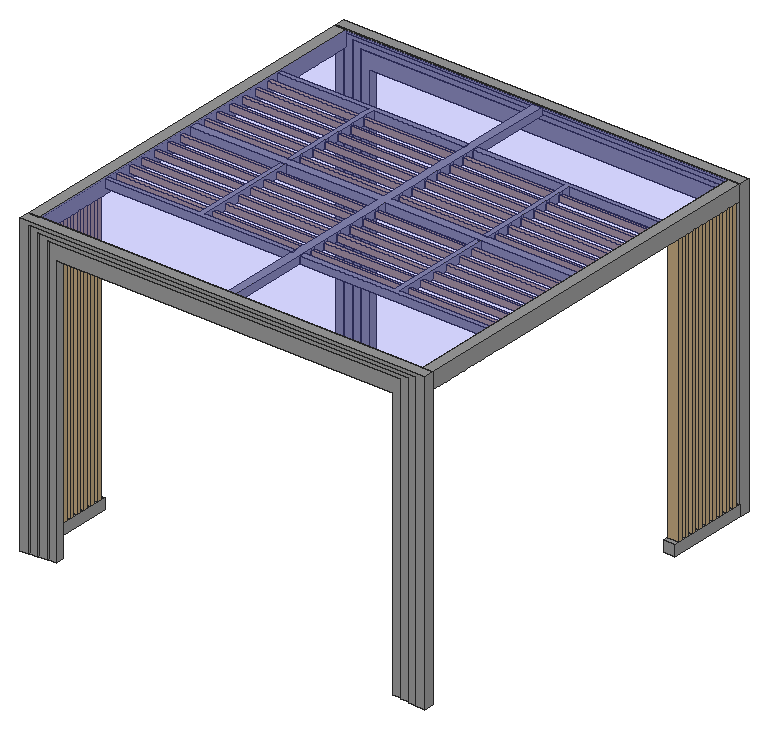
Revit family "L-FUR_파고라_DWP-2028_데오스웍스", category 일반 모델, Revit 2019
Family settings
  보강 철근 호스트 가능 = 아니오
  원형 커넥터 치수 = 지름 사용
  부품 유형 = 보통
  작업 기준면 기반 = 아니오
  항상 수직 = 예
  로드될 때 보이드를 사용하여 절단 = 아니오
  공유 = 아니오
  룸 계산 점 = 아니오
Reference planes
  plane 1 "중심(앞/뒤)": y = 0
  plane 2: z = 0
  plane 3 "중심(왼쪽/오른쪽)": x = 0
Dimensions and locks
  aligned and locked: level to plane 2
Nested families
  nested 1: "L-FUR_파고라_DWP-2028_데" at (0, 0, 0), type "L-FUR_파고라_DWP-2028_데"
Definition of nested family "L-FUR_파고라_DWP-2028_데"
  Reference planes
    plane 1 "중심(앞/뒤)": y = 0
    plane 2: z = 0
    plane 3 "중심(왼쪽/오른쪽)": x = 0
  Forms (mm)
    Extrusion 1, solid, not visible
      sketch origin (0, 0, 0) x (1, 0, 0) y (0, 0, 1)
        loop
          line (14027.87, 120.291) -> (14027.87, 2890.291) -> (17667.87, 2890.291) -> (17667.87, 120.291) -> (17747.87, 120.291) -> (17747.87, 2920.291) -> (13947.87, 2920.291) -> (13947.87, 120.291) -> (14027.87, 120.291)
      from 0 to 100
    Extrusion 2, solid, not visible
      sketch origin (0, 0, 0) x (1, 0, 0) y (0, 0, 1)
        loop
          line (14027.87, 2890.291) -> (14027.87, 120.291) -> (14107.87, 120.291) -> (14107.87, 2850.291) -> (17587.87, 2850.291) -> (17587.87, 120.291) -> (17667.87, 120.291) -> (17667.87, 2890.291) -> (14027.87, 2890.291)
      from 0 to 90
    Extrusion 3, solid, not visible
      sketch origin (0, 0, 0) x (1, 0, 0) y (0, 0, 1)
        loop
          line (14107.87, 2850.291) -> (14107.87, 120.291) -> (14187.87, 120.291) -> (14187.87, 2810.291) -> (17507.87, 2810.291) -> (17507.87, 120.291) -> (17587.87, 120.291) -> (17587.87, 2850.291) -> (14107.87, 2850.291)
      from 0 to 80
    Extrusion 4, solid, not visible
      sketch origin (0, 0, 0) x (1, 0, 0) y (0, 0, 1)
        loop
          line (14187.87, 2810.291) -> (14187.87, 120.291) -> (14267.87, 120.291) -> (14267.87, 2660.291) -> (17427.87, 2660.291) -> (17427.87, 120.291) -> (17507.87, 120.291) -> (17507.87, 2810.291) -> (14187.87, 2810.291)
      from 0 to 70
    Extrusion 5, solid, not visible
      sketch origin (0, 0, 0) x (0, 1, 0) y (0, 0, 1)
        loop
          line (15645.88, 2933.239) -> (11845.88, 2933.239) -> (11845.88, 133.239) -> (11945.88, 133.239) -> (11945.88, 233.239) -> (11945.88, 2783.239) -> (11992.13, 2783.239) -> (12022.131, 2783.239) -> (12072.125, 2783.239) -> (12102.131, 2783.239) -> (12152.125, 2783.239) -> (12182.13, 2783.239) -> (12232.132, 2783.239) -> (12262.13, 2783.239) -> (12312.133, 2783.239) -> (12342.13, 2783.239) -> (12392.133, 2783.239) -> (12422.13, 2783.239) -> (12472.134, 2783.239) -> (12502.135, 2783.239) -> (12552.133, 2783.239) -> (12582.135, 2783.239) -> (12632.133, 2783.239) -> (12662.134, 2783.239) -> (12708.383, 2783.239) -> (12753.382, 2783.239) -> (14738.381, 2783.239) -> (14783.386, 2783.239) -> (14829.625, 2783.239) -> (14859.63, 2783.239) -> (14909.632, 2783.239) -> (14939.63, 2783.239) -> (14989.633, 2783.239) -> (15019.63, 2783.239) -> (15069.634, 2783.239) -> (15099.63, 2783.239) -> (15149.634, 2783.239) -> (15179.635, 2783.239) -> (15229.633, 2783.239) -> (15259.635, 2783.239) -> (15309.633, 2783.239) -> (15339.634, 2783.239) -> (15389.632, 2783.239) -> (15419.634, 2783.239) -> (15469.632, 2783.239) -> (15499.634, 2783.239) -> (15545.88, 2783.239) -> (15545.88, 233.239) -> (15545.88, 133.239) -> (15645.88, 133.239) -> (15645.88, 2933.239)
      from 0 to 100
    Extrusion 6, solid, not visible
      sketch origin (0, 0, 0) x (0, 1, 0) y (0, 0, 1)
        loop
          line (12708.38, 233.239) -> (12662.132, 233.239) -> (12632.131, 233.239) -> (12582.132, 233.239) -> (12552.13, 233.239) -> (12502.132, 233.239) -> (12472.13, 233.239) -> (12422.133, 233.239) -> (12392.13, 233.239) -> (12342.13, 233.239) -> (12312.13, 233.239) -> (12262.13, 233.239) -> (12232.129, 233.239) -> (12182.13, 233.239) -> (12152.129, 233.239) -> (12102.134, 233.239) -> (12072.132, 233.239) -> (12022.13, 233.239) -> (11992.132, 233.239) -> (11945.88, 233.239) -> (11945.88, 133.239) -> (12708.38, 133.239) -> (12708.38, 233.239)
        loop
          line (15545.88, 233.239) -> (15499.632, 233.239) -> (15469.629, 233.239) -> (15419.632, 233.239) -> (15389.627, 233.239) -> (15339.63, 233.239) -> (15309.627, 233.239) -> (15259.632, 233.239) -> (15229.631, 233.239) -> (15179.632, 233.239) -> (15149.631, 233.239) -> (15099.633, 233.239) -> (15069.63, 233.239) -> (15019.633, 233.239) -> (14989.63, 233.239) -> (14939.633, 233.239) -> (14909.631, 233.239) -> (14859.634, 233.239) -> (14829.631, 233.239) -> (14783.38, 233.239) -> (14783.38, 133.239) -> (15545.88, 133.239) -> (15545.88, 233.239)
      from 0 to 100
    Extrusion 7, solid, not visible
      sketch origin (0, 0, 0) x (0, 1, 0) y (0, 0, 1)
        loop
          line (14829.63, 2783.239) -> (14829.63, 233.239) -> (14859.63, 233.239) -> (14859.63, 2783.239) -> (14829.63, 2783.239)
        loop
          line (14939.63, 233.239) -> (14939.63, 2783.239) -> (14909.63, 2783.239) -> (14909.63, 233.239) -> (14939.63, 233.239)
        loop
          line (14989.63, 2783.239) -> (14989.63, 233.239) -> (15019.63, 233.239) -> (15019.63, 2783.239) -> (14989.63, 2783.239)
        loop
          line (15069.63, 2783.239) -> (15069.63, 233.239) -> (15099.63, 233.239) -> (15099.63, 2783.239) -> (15069.63, 2783.239)
        loop
          line (15149.63, 2783.239) -> (15149.63, 233.239) -> (15179.63, 233.239) -> (15179.63, 2783.239) -> (15149.63, 2783.239)
        loop
          line (15259.63, 233.239) -> (15259.63, 2783.239) -> (15229.63, 2783.239) -> (15229.63, 233.239) -> (15259.63, 233.239)
        loop
          line (15339.63, 233.239) -> (15339.63, 2783.239) -> (15309.63, 2783.239) -> (15309.63, 233.239) -> (15339.63, 233.239)
        loop
          line (15389.63, 2783.239) -> (15389.63, 233.239) -> (15419.63, 233.239) -> (15419.63, 2783.239) -> (15389.63, 2783.239)
        loop
          line (15499.63, 233.239) -> (15499.63, 2783.239) -> (15469.63, 2783.239) -> (15469.63, 233.239) -> (15499.63, 233.239)
      from 0 to 100
    Extrusion 8, solid, not visible
      sketch origin (0, 0, 75) x (1, 0, 0) y (0, 1, 0)
        loop
          line (1394.324, 7719.811) -> (1394.324, 4119.811) -> (4994.324, 4119.811) -> (4994.324, 7719.811) -> (1394.324, 7719.811)
      from 0 to 10
    Extrusion 9, solid, not visible
      sketch origin (0, 0, 0) x (1, 0, 0) y (0, 1, 0)
        loop
          line (2253.074, 5764.811) -> (2253.074, 5794.811) -> (1394.324, 5794.811) -> (1394.324, 5764.811) -> (2253.074, 5764.811)
        loop
          line (1394.324, 5644.811) -> (1394.324, 5614.816) -> (2253.076, 5614.816) -> (2253.076, 5644.811) -> (1394.324, 5644.811)
        loop
          line (2253.076, 5494.811) -> (1394.324, 5494.811) -> (1394.324, 5464.811) -> (2253.076, 5464.811) -> (2253.076, 5494.811)
        loop
          line (2253.076, 5344.811) -> (1394.324, 5344.811) -> (1394.324, 5314.811) -> (2253.076, 5314.811) -> (2253.076, 5344.811)
        loop
          line (2253.076, 5194.811) -> (1394.324, 5194.811) -> (1394.324, 5164.811) -> (2253.076, 5164.811) -> (2253.076, 5194.811)
        loop
          line (2253.076, 5044.811) -> (1394.324, 5044.811) -> (1394.324, 5014.811) -> (2253.076, 5014.811) -> (2253.076, 5044.811)
        loop
          line (2298.074, 5044.811) -> (2298.074, 5014.814) -> (3156.824, 5014.814) -> (3156.824, 5044.811) -> (2298.074, 5044.811)
        loop
          line (3156.824, 5164.813) -> (3156.824, 5194.811) -> (2298.074, 5194.811) -> (2298.074, 5164.813) -> (3156.824, 5164.813)
        loop
          line (3156.824, 5314.812) -> (3156.824, 5344.811) -> (2298.074, 5344.811) -> (2298.074, 5314.812) -> (3156.824, 5314.812)
        loop
          line (3156.824, 5464.813) -> (3156.824, 5494.811) -> (2298.074, 5494.811) -> (2298.074, 5464.813) -> (3156.824, 5464.813)
        loop
          line (3156.824, 5614.808) -> (3156.824, 5644.811) -> (2298.074, 5644.811) -> (2298.074, 5614.808) -> (3156.824, 5614.808)
        loop
          line (3156.824, 5764.808) -> (3156.824, 5794.811) -> (2298.074, 5794.811) -> (2298.074, 5764.808) -> (3156.824, 5764.808)
        loop
          line (3231.824, 5014.809) -> (4090.574, 5014.809) -> (4090.574, 5044.811) -> (3231.824, 5044.811) -> (3231.824, 5014.809)
        loop
          line (4135.574, 5014.809) -> (4994.324, 5014.809) -> (4994.324, 5044.811) -> (4135.574, 5044.811) -> (4135.574, 5014.809)
        loop
          line (4994.324, 5164.811) -> (4994.324, 5194.811) -> (4135.574, 5194.811) -> (4135.574, 5164.811) -> (4994.324, 5164.811)
        loop
          line (4090.574, 5164.811) -> (4090.574, 5194.813) -> (3231.824, 5194.813) -> (3231.824, 5164.811) -> (4090.574, 5164.811)
        loop
          line (3231.824, 5344.811) -> (3231.824, 5314.812) -> (4090.574, 5314.812) -> (4090.574, 5344.811) -> (3231.824, 5344.811)
        loop
          line (3231.824, 5494.811) -> (3231.824, 5464.813) -> (4090.574, 5464.813) -> (4090.574, 5494.811) -> (3231.824, 5494.811)
        loop
          line (3231.824, 5644.811) -> (3231.824, 5614.811) -> (4090.574, 5614.811) -> (4090.574, 5644.811) -> (3231.824, 5644.811)
        loop
          line (3231.824, 5794.811) -> (3231.824, 5764.811) -> (4090.574, 5764.811) -> (4090.574, 5794.811) -> (3231.824, 5794.811)
        loop
          line (4994.324, 5794.811) -> (4135.574, 5794.811) -> (4135.574, 5764.811) -> (4994.324, 5764.811) -> (4994.324, 5794.811)
        loop
          line (4135.574, 5614.811) -> (4994.324, 5614.811) -> (4994.324, 5644.811) -> (4135.574, 5644.811) -> (4135.574, 5614.811)
        loop
          line (4135.574, 5464.811) -> (4994.324, 5464.811) -> (4994.324, 5494.811) -> (4135.574, 5494.811) -> (4135.574, 5464.811)
        loop
          line (4135.574, 5314.811) -> (4994.324, 5314.811) -> (4994.324, 5344.811) -> (4135.574, 5344.811) -> (4135.574, 5314.811)
        loop
          line (4994.324, 6044.811) -> (4994.324, 6074.811) -> (4135.574, 6074.811) -> (4135.574, 6044.811) -> (4994.324, 6044.811)
        loop
          line (4994.324, 6194.811) -> (4994.324, 6224.811) -> (4135.574, 6224.811) -> (4135.574, 6194.811) -> (4994.324, 6194.811)
        loop
          line (3231.824, 6044.811) -> (4090.574, 6044.811) -> (4090.574, 6074.811) -> (3231.824, 6074.811) -> (3231.824, 6044.811)
        loop
          line (3231.824, 6194.811) -> (4090.574, 6194.811) -> (4090.574, 6224.811) -> (3231.824, 6224.811) -> (3231.824, 6194.811)
        loop
          line (4135.574, 6374.811) -> (4135.574, 6344.811) -> (4994.324, 6344.811) -> (4994.324, 6374.811) -> (4135.574, 6374.811)
        loop
          line (4090.574, 6374.811) -> (3231.824, 6374.811) -> (3231.824, 6344.811) -> (4090.574, 6344.811) -> (4090.574, 6374.811)
        loop
          line (4135.574, 6524.811) -> (4135.574, 6494.811) -> (4994.324, 6494.811) -> (4994.324, 6524.811) -> (4135.574, 6524.811)
        loop
          line (3231.824, 6524.811) -> (3231.824, 6494.811) -> (4090.574, 6494.811) -> (4090.574, 6524.811) -> (3231.824, 6524.811)
        loop
          line (4090.574, 6644.811) -> (4090.574, 6674.811) -> (3231.824, 6674.811) -> (3231.824, 6644.811) -> (4090.574, 6644.811)
        loop
          line (4135.574, 6674.811) -> (4135.574, 6644.811) -> (4994.324, 6644.811) -> (4994.324, 6674.811) -> (4135.574, 6674.811)
        loop
          line (4994.324, 6794.811) -> (4994.324, 6824.811) -> (4135.574, 6824.811) -> (4135.574, 6794.811) -> (4994.324, 6794.811)
        loop
          line (4090.574, 6824.811) -> (3231.824, 6824.811) -> (3231.824, 6794.811) -> (4090.574, 6794.811) -> (4090.574, 6824.811)
        loop
          line (2298.074, 6824.811) -> (2298.074, 6794.811) -> (3156.824, 6794.811) -> (3156.824, 6824.811) -> (2298.074, 6824.811)
        loop
          line (2298.074, 6674.811) -> (2298.074, 6644.811) -> (3156.824, 6644.811) -> (3156.824, 6674.811) -> (2298.074, 6674.811)
        loop
          line (2298.074, 6524.811) -> (2298.074, 6494.811) -> (3156.824, 6494.811) -> (3156.824, 6524.811) -> (2298.074, 6524.811)
        loop
          line (2253.074, 6524.811) -> (1394.324, 6524.811) -> (1394.324, 6494.811) -> (2253.074, 6494.811) -> (2253.074, 6524.811)
        loop
          line (1394.324, 6644.811) -> (2253.074, 6644.811) -> (2253.074, 6674.811) -> (1394.324, 6674.811) -> (1394.324, 6644.811)
        loop
          line (2253.074, 6824.811) -> (1394.324, 6824.811) -> (1394.324, 6794.811) -> (2253.074, 6794.811) -> (2253.074, 6824.811)
        loop
          line (2253.074, 6374.811) -> (1394.324, 6374.811) -> (1394.324, 6344.811) -> (2253.074, 6344.811) -> (2253.074, 6374.811)
        loop
          line (2298.074, 6374.811) -> (2298.074, 6344.811) -> (3156.824, 6344.811) -> (3156.824, 6374.811) -> (2298.074, 6374.811)
        loop
          line (2298.074, 6224.811) -> (2298.074, 6194.811) -> (3156.824, 6194.811) -> (3156.824, 6224.811) -> (2298.074, 6224.811)
        loop
          line (2253.074, 6224.811) -> (1394.324, 6224.811) -> (1394.324, 6194.811) -> (2253.074, 6194.811) -> (2253.074, 6224.811)
        loop
          line (2253.074, 6074.811) -> (1394.324, 6074.811) -> (1394.324, 6044.811) -> (2253.074, 6044.811) -> (2253.074, 6074.811)
        loop
          line (2298.074, 6074.811) -> (2298.074, 6044.811) -> (3156.824, 6044.811) -> (3156.824, 6074.811) -> (2298.074, 6074.811)
      from 0 to 60
    Extrusion 10, solid, not visible
      sketch origin (4994.324, -7826.07, -133.239) x (0, 1, 0) y (0, 0, 1)
        loop
          line (14829.63, 2783.239) -> (14829.63, 233.239) -> (14859.63, 233.239) -> (14859.63, 2783.239) -> (14829.63, 2783.239)
        loop
          line (14939.63, 233.239) -> (14939.63, 2783.239) -> (14909.63, 2783.239) -> (14909.63, 233.239) -> (14939.63, 233.239)
        loop
          line (14989.63, 2783.239) -> (14989.63, 233.239) -> (15019.63, 233.239) -> (15019.63, 2783.239) -> (14989.63, 2783.239)
        loop
          line (15069.63, 2783.239) -> (15069.63, 233.239) -> (15099.63, 233.239) -> (15099.63, 2783.239) -> (15069.63, 2783.239)
        loop
          line (15149.63, 2783.239) -> (15149.63, 233.239) -> (15179.63, 233.239) -> (15179.63, 2783.239) -> (15149.63, 2783.239)
        loop
          line (15259.63, 233.239) -> (15259.63, 2783.239) -> (15229.63, 2783.239) -> (15229.63, 233.239) -> (15259.63, 233.239)
        loop
          line (15339.63, 233.239) -> (15339.63, 2783.239) -> (15309.63, 2783.239) -> (15309.63, 233.239) -> (15339.63, 233.239)
        loop
          line (15389.63, 2783.239) -> (15389.63, 233.239) -> (15419.63, 233.239) -> (15419.63, 2783.239) -> (15389.63, 2783.239)
        loop
          line (15499.63, 233.239) -> (15499.63, 2783.239) -> (15469.63, 2783.239) -> (15469.63, 233.239) -> (15499.63, 233.239)
      from 0 to 100
    Extrusion 11, solid, not visible
      sketch origin (4994.324, 0, 0) x (0, 1, 0) y (0, 0, 1)
        loop
          line (4119.811, 2650) -> (4166.061, 2650) -> (4196.061, 2650) -> (4246.056, 2650) -> (4276.061, 2650) -> (4326.055, 2650) -> (4356.061, 2650) -> (4406.062, 2650) -> (4436.061, 2650) -> (4486.063, 2650) -> (4516.061, 2650) -> (4566.063, 2650) -> (4596.061, 2650) -> (4646.064, 2650) -> (4676.065, 2650) -> (4726.064, 2650) -> (4756.065, 2650) -> (4806.063, 2650) -> (4836.065, 2650) -> (4882.314, 2650) -> (4927.312, 2650) -> (6912.311, 2650) -> (6957.316, 2650) -> (7003.555, 2650) -> (7033.561, 2650) -> (7083.563, 2650) -> (7113.561, 2650) -> (7163.563, 2650) -> (7193.561, 2650) -> (7243.564, 2650) -> (7273.561, 2650) -> (7323.564, 2650) -> (7353.565, 2650) -> (7403.564, 2650) -> (7433.565, 2650) -> (7483.563, 2650) -> (7513.565, 2650) -> (7563.562, 2650) -> (7593.564, 2650) -> (7643.562, 2650) -> (7673.564, 2650) -> (7719.811, 2650) -> (7719.811, 2800) -> (4119.811, 2800) -> (4119.811, 2650)
        loop
          line (6957.311, 100) -> (6957.311, 0) -> (7719.811, 0) -> (7719.811, 100) -> (6957.311, 100)
      from 0 to 100
    Extrusion 12, solid, not visible
      sketch origin (4994.324, -7826.07, -133.239) x (0, 1, 0) y (0, 0, 1)
        loop
          line (14829.63, 2783.239) -> (14829.63, 233.239) -> (14859.63, 233.239) -> (14859.63, 2783.239) -> (14829.63, 2783.239)
        loop
          line (14939.63, 233.239) -> (14939.63, 2783.239) -> (14909.63, 2783.239) -> (14909.63, 233.239) -> (14939.63, 233.239)
        loop
          line (14989.63, 2783.239) -> (14989.63, 233.239) -> (15019.63, 233.239) -> (15019.63, 2783.239) -> (14989.63, 2783.239)
        loop
          line (15069.63, 2783.239) -> (15069.63, 233.239) -> (15099.63, 233.239) -> (15099.63, 2783.239) -> (15069.63, 2783.239)
        loop
          line (15149.63, 2783.239) -> (15149.63, 233.239) -> (15179.63, 233.239) -> (15179.63, 2783.239) -> (15149.63, 2783.239)
        loop
          line (15259.63, 233.239) -> (15259.63, 2783.239) -> (15229.63, 2783.239) -> (15229.63, 233.239) -> (15259.63, 233.239)
        loop
          line (15339.63, 233.239) -> (15339.63, 2783.239) -> (15309.63, 2783.239) -> (15309.63, 233.239) -> (15339.63, 233.239)
        loop
          line (15389.63, 2783.239) -> (15389.63, 233.239) -> (15419.63, 233.239) -> (15419.63, 2783.239) -> (15389.63, 2783.239)
        loop
          line (15499.63, 233.239) -> (15499.63, 2783.239) -> (15469.63, 2783.239) -> (15469.63, 233.239) -> (15499.63, 233.239)
      from 0 to 100
    Extrusion 13, solid, not visible
      sketch origin (-12653.546, 4119.811, -120.291) x (1, 0, 0) y (0, 0, 1)
        loop
          line (14027.87, 120.291) -> (14027.87, 2890.291) -> (17667.87, 2890.291) -> (17667.87, 120.291) -> (17747.87, 120.291) -> (17747.87, 2920.291) -> (13947.87, 2920.291) -> (13947.87, 120.291) -> (14027.87, 120.291)
      from 0 to 100
    Extrusion 14, solid, not visible
      sketch origin (-12653.546, 4119.811, -120.291) x (1, 0, 0) y (0, 0, 1)
        loop
          line (14027.87, 2890.291) -> (14027.87, 120.291) -> (14107.87, 120.291) -> (14107.87, 2850.291) -> (17587.87, 2850.291) -> (17587.87, 120.291) -> (17667.87, 120.291) -> (17667.87, 2890.291) -> (14027.87, 2890.291)
      from 0 to 90
    Extrusion 15, solid, not visible
      sketch origin (-12653.546, 4119.811, -120.291) x (1, 0, 0) y (0, 0, 1)
        loop
          line (14107.87, 2850.291) -> (14107.87, 120.291) -> (14187.87, 120.291) -> (14187.87, 2810.291) -> (17507.87, 2810.291) -> (17507.87, 120.291) -> (17587.87, 120.291) -> (17587.87, 2850.291) -> (14107.87, 2850.291)
      from 0 to 80
    Extrusion 16, solid, not visible
      sketch origin (-12653.546, 4119.811, -120.291) x (1, 0, 0) y (0, 0, 1)
        loop
          line (14187.87, 2810.291) -> (14187.87, 120.291) -> (14267.87, 120.291) -> (14267.87, 2660.291) -> (17427.87, 2660.291) -> (17427.87, 120.291) -> (17507.87, 120.291) -> (17507.87, 2810.291) -> (14187.87, 2810.291)
      from 0 to 70
    Extrusion 17, solid, not visible
      sketch origin (4994.324, 0, 0) x (0, 1, 0) y (0, 0, 1)
        loop
          line (4119.811, 2650) -> (4166.061, 2650) -> (4196.061, 2650) -> (4246.056, 2650) -> (4276.061, 2650) -> (4326.055, 2650) -> (4356.061, 2650) -> (4406.062, 2650) -> (4436.061, 2650) -> (4486.063, 2650) -> (4516.061, 2650) -> (4566.063, 2650) -> (4596.061, 2650) -> (4646.064, 2650) -> (4676.065, 2650) -> (4726.064, 2650) -> (4756.065, 2650) -> (4806.063, 2650) -> (4836.065, 2650) -> (4882.314, 2650) -> (4927.312, 2650) -> (6912.311, 2650) -> (6957.316, 2650) -> (7003.555, 2650) -> (7033.561, 2650) -> (7083.563, 2650) -> (7113.561, 2650) -> (7163.563, 2650) -> (7193.561, 2650) -> (7243.564, 2650) -> (7273.561, 2650) -> (7323.564, 2650) -> (7353.565, 2650) -> (7403.564, 2650) -> (7433.565, 2650) -> (7483.563, 2650) -> (7513.565, 2650) -> (7563.562, 2650) -> (7593.564, 2650) -> (7643.562, 2650) -> (7673.564, 2650) -> (7719.811, 2650) -> (7719.811, 2800) -> (4119.811, 2800) -> (4119.811, 2650)
        loop
          line (6957.311, 100) -> (6957.311, 0) -> (7719.811, 0) -> (7719.811, 100) -> (6957.311, 100)
      from 0 to 100
    Extrusion 18, solid, not visible
      sketch origin (19042.194, 7719.811, -120.291) x (-1, 0, 0) y (0, 0, 1)
        loop
          line (14027.87, 120.291) -> (14027.87, 2890.291) -> (17667.87, 2890.291) -> (17667.87, 120.291) -> (17747.87, 120.291) -> (17747.87, 2920.291) -> (13947.87, 2920.291) -> (13947.87, 120.291) -> (14027.87, 120.291)
      from 0 to 100
    Extrusion 19, solid, not visible
      sketch origin (19042.194, 7719.811, -120.291) x (-1, 0, 0) y (0, 0, 1)
        loop
          line (14027.87, 2890.291) -> (14027.87, 120.291) -> (14107.87, 120.291) -> (14107.87, 2850.291) -> (17587.87, 2850.291) -> (17587.87, 120.291) -> (17667.87, 120.291) -> (17667.87, 2890.291) -> (14027.87, 2890.291)
      from 0 to 90
    Extrusion 20, solid, not visible
      sketch origin (19042.194, 7719.811, -120.291) x (-1, 0, 0) y (0, 0, 1)
        loop
          line (14107.87, 2850.291) -> (14107.87, 120.291) -> (14187.87, 120.291) -> (14187.87, 2810.291) -> (17507.87, 2810.291) -> (17507.87, 120.291) -> (17587.87, 120.291) -> (17587.87, 2850.291) -> (14107.87, 2850.291)
      from 0 to 80
    Extrusion 21, solid, not visible
      sketch origin (19042.194, 7719.811, -120.291) x (-1, 0, 0) y (0, 0, 1)
        loop
          line (14187.87, 2810.291) -> (14187.87, 120.291) -> (14267.87, 120.291) -> (14267.87, 2660.291) -> (17427.87, 2660.291) -> (17427.87, 120.291) -> (17507.87, 120.291) -> (17507.87, 2810.291) -> (14187.87, 2810.291)
      from 0 to 70
    Extrusion 22, solid, not visible
      sketch origin (1394.324, 19665.691, -133.239) x (0, -1, 0) y (0, 0, 1)
        loop
          line (14829.63, 2783.239) -> (14829.63, 233.239) -> (14859.63, 233.239) -> (14859.63, 2783.239) -> (14829.63, 2783.239)
        loop
          line (14939.63, 233.239) -> (14939.63, 2783.239) -> (14909.63, 2783.239) -> (14909.63, 233.239) -> (14939.63, 233.239)
        loop
          line (14989.63, 2783.239) -> (14989.63, 233.239) -> (15019.63, 233.239) -> (15019.63, 2783.239) -> (14989.63, 2783.239)
        loop
          line (15069.63, 2783.239) -> (15069.63, 233.239) -> (15099.63, 233.239) -> (15099.63, 2783.239) -> (15069.63, 2783.239)
        loop
          line (15149.63, 2783.239) -> (15149.63, 233.239) -> (15179.63, 233.239) -> (15179.63, 2783.239) -> (15149.63, 2783.239)
        loop
          line (15259.63, 233.239) -> (15259.63, 2783.239) -> (15229.63, 2783.239) -> (15229.63, 233.239) -> (15259.63, 233.239)
        loop
          line (15339.63, 233.239) -> (15339.63, 2783.239) -> (15309.63, 2783.239) -> (15309.63, 233.239) -> (15339.63, 233.239)
        loop
          line (15389.63, 2783.239) -> (15389.63, 233.239) -> (15419.63, 233.239) -> (15419.63, 2783.239) -> (15389.63, 2783.239)
        loop
          line (15499.63, 233.239) -> (15499.63, 2783.239) -> (15469.63, 2783.239) -> (15469.63, 233.239) -> (15499.63, 233.239)
      from 0 to 100
    Extrusion 23, solid, not visible
      sketch origin (1394.324, 11839.621, 0) x (0, -1, 0) y (0, 0, 1)
        loop
          line (4119.811, 2650) -> (4166.061, 2650) -> (4196.061, 2650) -> (4246.056, 2650) -> (4276.061, 2650) -> (4326.055, 2650) -> (4356.061, 2650) -> (4406.062, 2650) -> (4436.061, 2650) -> (4486.063, 2650) -> (4516.061, 2650) -> (4566.063, 2650) -> (4596.061, 2650) -> (4646.064, 2650) -> (4676.065, 2650) -> (4726.064, 2650) -> (4756.065, 2650) -> (4806.063, 2650) -> (4836.065, 2650) -> (4882.314, 2650) -> (4927.312, 2650) -> (6912.311, 2650) -> (6957.316, 2650) -> (7003.555, 2650) -> (7033.561, 2650) -> (7083.563, 2650) -> (7113.561, 2650) -> (7163.563, 2650) -> (7193.561, 2650) -> (7243.564, 2650) -> (7273.561, 2650) -> (7323.564, 2650) -> (7353.565, 2650) -> (7403.564, 2650) -> (7433.565, 2650) -> (7483.563, 2650) -> (7513.565, 2650) -> (7563.562, 2650) -> (7593.564, 2650) -> (7643.562, 2650) -> (7673.564, 2650) -> (7719.811, 2650) -> (7719.811, 2800) -> (4119.811, 2800) -> (4119.811, 2650)
        loop
          line (6957.311, 100) -> (6957.311, 0) -> (7719.811, 0) -> (7719.811, 100) -> (6957.311, 100)
      from 0 to 100
    Extrusion 24, solid, not visible
      sketch origin (0, 0, 2790) x (1, 0, 0) y (0, 1, 0)
        loop
          line (1394.324, 7719.811) -> (1394.324, 4119.811) -> (4994.324, 4119.811) -> (4994.324, 7719.811) -> (1394.324, 7719.811)
      from 0 to 10
    Extrusion 25, solid, not visible
      sketch origin (0, 0, 2715) x (1, 0, 0) y (0, 1, 0)
        loop
          line (2253.074, 5764.811) -> (2253.074, 5794.811) -> (1394.324, 5794.811) -> (1394.324, 5764.811) -> (2253.074, 5764.811)
        loop
          line (1394.324, 5644.811) -> (1394.324, 5614.816) -> (2253.076, 5614.816) -> (2253.076, 5644.811) -> (1394.324, 5644.811)
        loop
          line (2253.076, 5494.811) -> (1394.324, 5494.811) -> (1394.324, 5464.811) -> (2253.076, 5464.811) -> (2253.076, 5494.811)
        loop
          line (2253.076, 5344.811) -> (1394.324, 5344.811) -> (1394.324, 5314.811) -> (2253.076, 5314.811) -> (2253.076, 5344.811)
        loop
          line (2253.076, 5194.811) -> (1394.324, 5194.811) -> (1394.324, 5164.811) -> (2253.076, 5164.811) -> (2253.076, 5194.811)
        loop
          line (2253.076, 5044.811) -> (1394.324, 5044.811) -> (1394.324, 5014.811) -> (2253.076, 5014.811) -> (2253.076, 5044.811)
        loop
          line (2298.074, 5044.811) -> (2298.074, 5014.814) -> (3156.824, 5014.814) -> (3156.824, 5044.811) -> (2298.074, 5044.811)
        loop
          line (3156.824, 5164.813) -> (3156.824, 5194.811) -> (2298.074, 5194.811) -> (2298.074, 5164.813) -> (3156.824, 5164.813)
        loop
          line (3156.824, 5314.812) -> (3156.824, 5344.811) -> (2298.074, 5344.811) -> (2298.074, 5314.812) -> (3156.824, 5314.812)
        loop
          line (3156.824, 5464.813) -> (3156.824, 5494.811) -> (2298.074, 5494.811) -> (2298.074, 5464.813) -> (3156.824, 5464.813)
        loop
          line (3156.824, 5614.808) -> (3156.824, 5644.811) -> (2298.074, 5644.811) -> (2298.074, 5614.808) -> (3156.824, 5614.808)
        loop
          line (3156.824, 5764.808) -> (3156.824, 5794.811) -> (2298.074, 5794.811) -> (2298.074, 5764.808) -> (3156.824, 5764.808)
        loop
          line (3231.824, 5014.809) -> (4090.574, 5014.809) -> (4090.574, 5044.811) -> (3231.824, 5044.811) -> (3231.824, 5014.809)
        loop
          line (4135.574, 5014.809) -> (4994.324, 5014.809) -> (4994.324, 5044.811) -> (4135.574, 5044.811) -> (4135.574, 5014.809)
        loop
          line (4994.324, 5164.811) -> (4994.324, 5194.811) -> (4135.574, 5194.811) -> (4135.574, 5164.811) -> (4994.324, 5164.811)
        loop
          line (4090.574, 5164.811) -> (4090.574, 5194.813) -> (3231.824, 5194.813) -> (3231.824, 5164.811) -> (4090.574, 5164.811)
        loop
          line (3231.824, 5344.811) -> (3231.824, 5314.812) -> (4090.574, 5314.812) -> (4090.574, 5344.811) -> (3231.824, 5344.811)
        loop
          line (3231.824, 5494.811) -> (3231.824, 5464.813) -> (4090.574, 5464.813) -> (4090.574, 5494.811) -> (3231.824, 5494.811)
        loop
          line (3231.824, 5644.811) -> (3231.824, 5614.811) -> (4090.574, 5614.811) -> (4090.574, 5644.811) -> (3231.824, 5644.811)
        loop
          line (3231.824, 5794.811) -> (3231.824, 5764.811) -> (4090.574, 5764.811) -> (4090.574, 5794.811) -> (3231.824, 5794.811)
        loop
          line (4994.324, 5794.811) -> (4135.574, 5794.811) -> (4135.574, 5764.811) -> (4994.324, 5764.811) -> (4994.324, 5794.811)
        loop
          line (4135.574, 5614.811) -> (4994.324, 5614.811) -> (4994.324, 5644.811) -> (4135.574, 5644.811) -> (4135.574, 5614.811)
        loop
          line (4135.574, 5464.811) -> (4994.324, 5464.811) -> (4994.324, 5494.811) -> (4135.574, 5494.811) -> (4135.574, 5464.811)
        loop
          line (4135.574, 5314.811) -> (4994.324, 5314.811) -> (4994.324, 5344.811) -> (4135.574, 5344.811) -> (4135.574, 5314.811)
        loop
          line (4994.324, 6044.811) -> (4994.324, 6074.811) -> (4135.574, 6074.811) -> (4135.574, 6044.811) -> (4994.324, 6044.811)
        loop
          line (4994.324, 6194.811) -> (4994.324, 6224.811) -> (4135.574, 6224.811) -> (4135.574, 6194.811) -> (4994.324, 6194.811)
        loop
          line (3231.824, 6044.811) -> (4090.574, 6044.811) -> (4090.574, 6074.811) -> (3231.824, 6074.811) -> (3231.824, 6044.811)
        loop
          line (3231.824, 6194.811) -> (4090.574, 6194.811) -> (4090.574, 6224.811) -> (3231.824, 6224.811) -> (3231.824, 6194.811)
        loop
          line (4135.574, 6374.811) -> (4135.574, 6344.811) -> (4994.324, 6344.811) -> (4994.324, 6374.811) -> (4135.574, 6374.811)
        loop
          line (4090.574, 6374.811) -> (3231.824, 6374.811) -> (3231.824, 6344.811) -> (4090.574, 6344.811) -> (4090.574, 6374.811)
        loop
          line (4135.574, 6524.811) -> (4135.574, 6494.811) -> (4994.324, 6494.811) -> (4994.324, 6524.811) -> (4135.574, 6524.811)
        loop
          line (3231.824, 6524.811) -> (3231.824, 6494.811) -> (4090.574, 6494.811) -> (4090.574, 6524.811) -> (3231.824, 6524.811)
        loop
          line (4090.574, 6644.811) -> (4090.574, 6674.811) -> (3231.824, 6674.811) -> (3231.824, 6644.811) -> (4090.574, 6644.811)
        loop
          line (4135.574, 6674.811) -> (4135.574, 6644.811) -> (4994.324, 6644.811) -> (4994.324, 6674.811) -> (4135.574, 6674.811)
        loop
          line (4994.324, 6794.811) -> (4994.324, 6824.811) -> (4135.574, 6824.811) -> (4135.574, 6794.811) -> (4994.324, 6794.811)
        loop
          line (4090.574, 6824.811) -> (3231.824, 6824.811) -> (3231.824, 6794.811) -> (4090.574, 6794.811) -> (4090.574, 6824.811)
        loop
          line (2298.074, 6824.811) -> (2298.074, 6794.811) -> (3156.824, 6794.811) -> (3156.824, 6824.811) -> (2298.074, 6824.811)
        loop
          line (2298.074, 6674.811) -> (2298.074, 6644.811) -> (3156.824, 6644.811) -> (3156.824, 6674.811) -> (2298.074, 6674.811)
        loop
          line (2298.074, 6524.811) -> (2298.074, 6494.811) -> (3156.824, 6494.811) -> (3156.824, 6524.811) -> (2298.074, 6524.811)
        loop
          line (2253.074, 6524.811) -> (1394.324, 6524.811) -> (1394.324, 6494.811) -> (2253.074, 6494.811) -> (2253.074, 6524.811)
        loop
          line (1394.324, 6644.811) -> (2253.074, 6644.811) -> (2253.074, 6674.811) -> (1394.324, 6674.811) -> (1394.324, 6644.811)
        loop
          line (2253.074, 6824.811) -> (1394.324, 6824.811) -> (1394.324, 6794.811) -> (2253.074, 6794.811) -> (2253.074, 6824.811)
        loop
          line (2253.074, 6374.811) -> (1394.324, 6374.811) -> (1394.324, 6344.811) -> (2253.074, 6344.811) -> (2253.074, 6374.811)
        loop
          line (2298.074, 6374.811) -> (2298.074, 6344.811) -> (3156.824, 6344.811) -> (3156.824, 6374.811) -> (2298.074, 6374.811)
        loop
          line (2298.074, 6224.811) -> (2298.074, 6194.811) -> (3156.824, 6194.811) -> (3156.824, 6224.811) -> (2298.074, 6224.811)
        loop
          line (2253.074, 6224.811) -> (1394.324, 6224.811) -> (1394.324, 6194.811) -> (2253.074, 6194.811) -> (2253.074, 6224.811)
        loop
          line (2253.074, 6074.811) -> (1394.324, 6074.811) -> (1394.324, 6044.811) -> (2253.074, 6044.811) -> (2253.074, 6074.811)
        loop
          line (2298.074, 6074.811) -> (2298.074, 6044.811) -> (3156.824, 6044.811) -> (3156.824, 6074.811) -> (2298.074, 6074.811)
      from 0 to 60
    Extrusion 26, solid
      sketch origin (3700, -11845.88, -133.239) x (0, 1, 0) y (0, 0, 1)
        loop
          line (14829.63, 2783.239) -> (14829.63, 233.239) -> (14859.63, 233.239) -> (14859.63, 2783.239) -> (14829.63, 2783.239)
        loop
          line (14939.63, 233.239) -> (14939.63, 2783.239) -> (14909.63, 2783.239) -> (14909.63, 233.239) -> (14939.63, 233.239)
        loop
          line (14989.63, 2783.239) -> (14989.63, 233.239) -> (15019.63, 233.239) -> (15019.63, 2783.239) -> (14989.63, 2783.239)
        loop
          line (15069.63, 2783.239) -> (15069.63, 233.239) -> (15099.63, 233.239) -> (15099.63, 2783.239) -> (15069.63, 2783.239)
        loop
          line (15149.63, 2783.239) -> (15149.63, 233.239) -> (15179.63, 233.239) -> (15179.63, 2783.239) -> (15149.63, 2783.239)
        loop
          line (15259.63, 233.239) -> (15259.63, 2783.239) -> (15229.63, 2783.239) -> (15229.63, 233.239) -> (15259.63, 233.239)
        loop
          line (15339.63, 233.239) -> (15339.63, 2783.239) -> (15309.63, 2783.239) -> (15309.63, 233.239) -> (15339.63, 233.239)
        loop
          line (15389.63, 2783.239) -> (15389.63, 233.239) -> (15419.63, 233.239) -> (15419.63, 2783.239) -> (15389.63, 2783.239)
        loop
          line (15499.63, 233.239) -> (15499.63, 2783.239) -> (15469.63, 2783.239) -> (15469.63, 233.239) -> (15499.63, 233.239)
      from 0 to 100
    Extrusion 27, solid
      sketch origin (-13947.87, 100, -120.291) x (1, 0, 0) y (0, 0, 1)
        loop
          line (14027.87, 120.291) -> (14027.87, 2890.291) -> (17667.87, 2890.291) -> (17667.87, 120.291) -> (17747.87, 120.291) -> (17747.87, 2920.291) -> (13947.87, 2920.291) -> (13947.87, 120.291) -> (14027.87, 120.291)
      from 0 to 100
    Extrusion 28, solid
      sketch origin (-13947.87, 100, -120.291) x (1, 0, 0) y (0, 0, 1)
        loop
          line (14027.87, 2890.291) -> (14027.87, 120.291) -> (14107.87, 120.291) -> (14107.87, 2850.291) -> (17587.87, 2850.291) -> (17587.87, 120.291) -> (17667.87, 120.291) -> (17667.87, 2890.291) -> (14027.87, 2890.291)
      from 0 to 90
    Extrusion 29, solid
      sketch origin (-13947.87, 100, -120.291) x (1, 0, 0) y (0, 0, 1)
        loop
          line (14107.87, 2850.291) -> (14107.87, 120.291) -> (14187.87, 120.291) -> (14187.87, 2810.291) -> (17507.87, 2810.291) -> (17507.87, 120.291) -> (17587.87, 120.291) -> (17587.87, 2850.291) -> (14107.87, 2850.291)
      from 0 to 80
    Extrusion 30, solid
      sketch origin (-13947.87, 100, -120.291) x (1, 0, 0) y (0, 0, 1)
        loop
          line (14187.87, 2810.291) -> (14187.87, 120.291) -> (14267.87, 120.291) -> (14267.87, 2660.291) -> (17427.87, 2660.291) -> (17427.87, 120.291) -> (17507.87, 120.291) -> (17507.87, 2810.291) -> (14187.87, 2810.291)
      from 0 to 70
    Extrusion 31, solid
      sketch origin (3700, -4019.811, 0) x (0, 1, 0) y (0, 0, 1)
        loop
          line (4119.811, 2650) -> (4166.061, 2650) -> (4196.061, 2650) -> (4246.056, 2650) -> (4276.061, 2650) -> (4326.055, 2650) -> (4356.061, 2650) -> (4406.062, 2650) -> (4436.061, 2650) -> (4486.063, 2650) -> (4516.061, 2650) -> (4566.063, 2650) -> (4596.061, 2650) -> (4646.064, 2650) -> (4676.065, 2650) -> (4726.064, 2650) -> (4756.065, 2650) -> (4806.063, 2650) -> (4836.065, 2650) -> (4882.314, 2650) -> (4927.312, 2650) -> (6912.311, 2650) -> (6957.316, 2650) -> (7003.555, 2650) -> (7033.561, 2650) -> (7083.563, 2650) -> (7113.561, 2650) -> (7163.563, 2650) -> (7193.561, 2650) -> (7243.564, 2650) -> (7273.561, 2650) -> (7323.564, 2650) -> (7353.565, 2650) -> (7403.564, 2650) -> (7433.565, 2650) -> (7483.563, 2650) -> (7513.565, 2650) -> (7563.562, 2650) -> (7593.564, 2650) -> (7643.562, 2650) -> (7673.564, 2650) -> (7719.811, 2650) -> (7719.811, 2800) -> (4119.811, 2800) -> (4119.811, 2650)
        loop
          line (6957.311, 100) -> (6957.311, 0) -> (7719.811, 0) -> (7719.811, 100) -> (6957.311, 100)
      from 0 to 100
    Extrusion 32, solid
      sketch origin (17747.87, 3700, -120.291) x (-1, 0, 0) y (0, 0, 1)
        loop
          line (14027.87, 120.291) -> (14027.87, 2890.291) -> (17667.87, 2890.291) -> (17667.87, 120.291) -> (17747.87, 120.291) -> (17747.87, 2920.291) -> (13947.87, 2920.291) -> (13947.87, 120.291) -> (14027.87, 120.291)
      from 0 to 100
    Extrusion 33, solid
      sketch origin (17747.87, 3700, -120.291) x (-1, 0, 0) y (0, 0, 1)
        loop
          line (14027.87, 2890.291) -> (14027.87, 120.291) -> (14107.87, 120.291) -> (14107.87, 2850.291) -> (17587.87, 2850.291) -> (17587.87, 120.291) -> (17667.87, 120.291) -> (17667.87, 2890.291) -> (14027.87, 2890.291)
      from 0 to 90
    Extrusion 34, solid
      sketch origin (17747.87, 3700, -120.291) x (-1, 0, 0) y (0, 0, 1)
        loop
          line (14107.87, 2850.291) -> (14107.87, 120.291) -> (14187.87, 120.291) -> (14187.87, 2810.291) -> (17507.87, 2810.291) -> (17507.87, 120.291) -> (17587.87, 120.291) -> (17587.87, 2850.291) -> (14107.87, 2850.291)
      from 0 to 80
    Extrusion 35, solid
      sketch origin (17747.87, 3700, -120.291) x (-1, 0, 0) y (0, 0, 1)
        loop
          line (14187.87, 2810.291) -> (14187.87, 120.291) -> (14267.87, 120.291) -> (14267.87, 2660.291) -> (17427.87, 2660.291) -> (17427.87, 120.291) -> (17507.87, 120.291) -> (17507.87, 2810.291) -> (14187.87, 2810.291)
      from 0 to 70
    Extrusion 36, solid
      sketch origin (100, 15645.88, -133.239) x (0, -1, 0) y (0, 0, 1)
        loop
          line (14829.63, 2783.239) -> (14829.63, 233.239) -> (14859.63, 233.239) -> (14859.63, 2783.239) -> (14829.63, 2783.239)
        loop
          line (14939.63, 233.239) -> (14939.63, 2783.239) -> (14909.63, 2783.239) -> (14909.63, 233.239) -> (14939.63, 233.239)
        loop
          line (14989.63, 2783.239) -> (14989.63, 233.239) -> (15019.63, 233.239) -> (15019.63, 2783.239) -> (14989.63, 2783.239)
        loop
          line (15069.63, 2783.239) -> (15069.63, 233.239) -> (15099.63, 233.239) -> (15099.63, 2783.239) -> (15069.63, 2783.239)
        loop
          line (15149.63, 2783.239) -> (15149.63, 233.239) -> (15179.63, 233.239) -> (15179.63, 2783.239) -> (15149.63, 2783.239)
        loop
          line (15259.63, 233.239) -> (15259.63, 2783.239) -> (15229.63, 2783.239) -> (15229.63, 233.239) -> (15259.63, 233.239)
        loop
          line (15339.63, 233.239) -> (15339.63, 2783.239) -> (15309.63, 2783.239) -> (15309.63, 233.239) -> (15339.63, 233.239)
        loop
          line (15389.63, 2783.239) -> (15389.63, 233.239) -> (15419.63, 233.239) -> (15419.63, 2783.239) -> (15389.63, 2783.239)
        loop
          line (15499.63, 233.239) -> (15499.63, 2783.239) -> (15469.63, 2783.239) -> (15469.63, 233.239) -> (15499.63, 233.239)
      from 0 to 100
    Extrusion 37, solid
      sketch origin (100, 7819.811, 0) x (0, -1, 0) y (0, 0, 1)
        loop
          line (4119.811, 2650) -> (4166.061, 2650) -> (4196.061, 2650) -> (4246.056, 2650) -> (4276.061, 2650) -> (4326.055, 2650) -> (4356.061, 2650) -> (4406.062, 2650) -> (4436.061, 2650) -> (4486.063, 2650) -> (4516.061, 2650) -> (4566.063, 2650) -> (4596.061, 2650) -> (4646.064, 2650) -> (4676.065, 2650) -> (4726.064, 2650) -> (4756.065, 2650) -> (4806.063, 2650) -> (4836.065, 2650) -> (4882.314, 2650) -> (4927.312, 2650) -> (6912.311, 2650) -> (6957.316, 2650) -> (7003.555, 2650) -> (7033.561, 2650) -> (7083.563, 2650) -> (7113.561, 2650) -> (7163.563, 2650) -> (7193.561, 2650) -> (7243.564, 2650) -> (7273.561, 2650) -> (7323.564, 2650) -> (7353.565, 2650) -> (7403.564, 2650) -> (7433.565, 2650) -> (7483.563, 2650) -> (7513.565, 2650) -> (7563.562, 2650) -> (7593.564, 2650) -> (7643.562, 2650) -> (7673.564, 2650) -> (7719.811, 2650) -> (7719.811, 2800) -> (4119.811, 2800) -> (4119.811, 2650)
        loop
          line (6957.311, 100) -> (6957.311, 0) -> (7719.811, 0) -> (7719.811, 100) -> (6957.311, 100)
      from 0 to 100
    Extrusion 38, solid
      sketch origin (-1294.324, -4019.811, 2715) x (1, 0, 0) y (0, 1, 0)
        loop
          line (3156.824, 6912.311) -> (3156.824, 6824.813) -> (3156.824, 6794.811) -> (3156.824, 6674.812) -> (3156.824, 6644.81) -> (3156.824, 6524.811) -> (3156.824, 6494.815) -> (3156.824, 6374.811) -> (3156.824, 6344.815) -> (3156.824, 6224.811) -> (3156.824, 6194.811) -> (3156.824, 6074.811) -> (3156.824, 6044.811) -> (3156.824, 5957.311) -> (1394.324, 5957.311) -> (1394.324, 5882.311) -> (3156.824, 5882.311) -> (3156.824, 5794.811) -> (3156.824, 5764.808) -> (3156.824, 5644.812) -> (3156.824, 5614.808) -> (3156.824, 5494.811) -> (3156.824, 5464.813) -> (3156.824, 5344.811) -> (3156.824, 5314.812) -> (3156.824, 5194.811) -> (3156.824, 5164.813) -> (3156.824, 5044.811) -> (3156.824, 5014.814) -> (3156.824, 4927.311) -> (3156.824, 4882.313) -> (3156.824, 4119.811) -> (3231.824, 4119.811) -> (3231.824, 4882.311) -> (3231.824, 4927.315) -> (3231.824, 5014.809) -> (3231.824, 5044.811) -> (3231.824, 5164.81) -> (3231.824, 5194.813) -> (3231.824, 5314.812) -> (3231.824, 5344.811) -> (3231.824, 5464.812) -> (3231.824, 5494.811) -> (3231.824, 5614.81) -> (3231.824, 5644.811) -> (3231.824, 5764.808) -> (3231.824, 5794.811) -> (3231.824, 5882.311) -> (4994.324, 5882.311) -> (4994.324, 5957.311) -> (3231.824, 5957.311) -> (3231.824, 6044.811) -> (3231.824, 6074.811) -> (3231.824, 6194.811) -> (3231.824, 6224.812) -> (3231.824, 6344.813) -> (3231.824, 6374.814) -> (3231.824, 6494.813) -> (3231.824, 6524.811) -> (3231.824, 6644.812) -> (3231.824, 6674.811) -> (3231.824, 6794.811) -> (3231.824, 6824.811) -> (3231.824, 6912.311) -> (3231.827, 6957.311) -> (3231.827, 7719.811) -> (3156.824, 7719.811) -> (3156.824, 6957.311) -> (3156.824, 6912.311)
      from 0 to 75
    Extrusion 39, solid
      sketch origin (-1294.324, -4019.811, 2790) x (1, 0, 0) y (0, 1, 0)
        loop
          line (1394.324, 7719.811) -> (1394.324, 4119.811) -> (4994.324, 4119.811) -> (4994.324, 7719.811) -> (1394.324, 7719.811)
      from 0 to 10
    Extrusion 40, solid
      sketch origin (-1294.324, -4019.811, 2715) x (1, 0, 0) y (0, 1, 0)
        loop
          line (1394.324, 6957.311) -> (1394.324, 6912.311) -> (2253.074, 6912.311) -> (2253.074, 6824.811) -> (2253.074, 6794.811) -> (2253.074, 6674.811) -> (2253.074, 6644.811) -> (2253.074, 6524.811) -> (2253.074, 6494.81) -> (2253.074, 6374.811) -> (2253.074, 6344.811) -> (2253.074, 6224.811) -> (2253.074, 6194.812) -> (2253.074, 6074.814) -> (2253.074, 6044.812) -> (2253.074, 5957.311) -> (2298.074, 5957.311) -> (2298.074, 6044.812) -> (2298.074, 6074.811) -> (2298.074, 6194.812) -> (2298.074, 6224.811) -> (2298.074, 6344.813) -> (2298.074, 6374.811) -> (2298.074, 6494.809) -> (2298.074, 6524.813) -> (2298.074, 6644.808) -> (2298.074, 6674.811) -> (2298.074, 6794.807) -> (2298.074, 6824.811) -> (2298.074, 6912.311) -> (3156.824, 6912.311) -> (3156.824, 6957.311) -> (1394.324, 6957.311)
        loop
          line (3231.824, 6957.311) -> (3231.824, 6912.311) -> (4090.574, 6912.311) -> (4090.574, 6824.811) -> (4090.574, 6794.816) -> (4090.574, 6674.811) -> (4090.574, 6644.806) -> (4090.574, 6524.811) -> (4090.574, 6494.807) -> (4090.574, 6374.812) -> (4090.574, 6344.807) -> (4090.574, 6224.811) -> (4090.574, 6194.812) -> (4090.574, 6074.811) -> (4090.574, 6044.811) -> (4090.574, 5957.313) -> (4135.574, 5957.313) -> (4135.574, 6044.809) -> (4135.574, 6074.811) -> (4135.574, 6194.81) -> (4135.574, 6224.813) -> (4135.574, 6344.81) -> (4135.574, 6374.811) -> (4135.574, 6494.809) -> (4135.574, 6524.811) -> (4135.574, 6644.809) -> (4135.574, 6674.811) -> (4135.574, 6794.816) -> (4135.574, 6824.811) -> (4135.574, 6912.311) -> (4994.324, 6912.311) -> (4994.324, 6957.311) -> (3231.824, 6957.311)
        loop
          line (2253.076, 5882.311) -> (2253.076, 4927.311) -> (1394.324, 4927.311) -> (1394.324, 4882.313) -> (3156.824, 4882.313) -> (3156.824, 4927.311) -> (2298.074, 4927.311) -> (2298.074, 5882.311) -> (2253.076, 5882.311)
        loop
          line (3231.824, 4927.315) -> (3231.824, 4882.311) -> (4994.324, 4882.311) -> (4994.324, 4927.311) -> (4135.574, 4927.311) -> (4135.574, 5882.311) -> (4090.574, 5882.311) -> (4090.574, 4927.315) -> (3231.824, 4927.315)
      from 0 to 75
    Extrusion 41, solid
      sketch origin (-1294.324, -4019.811, 2715) x (1, 0, 0) y (0, 1, 0)
        loop
          line (2253.074, 5764.811) -> (2253.074, 5794.811) -> (1394.324, 5794.811) -> (1394.324, 5764.811) -> (2253.074, 5764.811)
        loop
          line (1394.324, 5644.811) -> (1394.324, 5614.816) -> (2253.076, 5614.816) -> (2253.076, 5644.811) -> (1394.324, 5644.811)
        loop
          line (2253.076, 5494.811) -> (1394.324, 5494.811) -> (1394.324, 5464.811) -> (2253.076, 5464.811) -> (2253.076, 5494.811)
        loop
          line (2253.076, 5344.811) -> (1394.324, 5344.811) -> (1394.324, 5314.811) -> (2253.076, 5314.811) -> (2253.076, 5344.811)
        loop
          line (2253.076, 5194.811) -> (1394.324, 5194.811) -> (1394.324, 5164.811) -> (2253.076, 5164.811) -> (2253.076, 5194.811)
        loop
          line (2253.076, 5044.811) -> (1394.324, 5044.811) -> (1394.324, 5014.811) -> (2253.076, 5014.811) -> (2253.076, 5044.811)
        loop
          line (2298.074, 5044.811) -> (2298.074, 5014.814) -> (3156.824, 5014.814) -> (3156.824, 5044.811) -> (2298.074, 5044.811)
        loop
          line (3156.824, 5164.813) -> (3156.824, 5194.811) -> (2298.074, 5194.811) -> (2298.074, 5164.813) -> (3156.824, 5164.813)
        loop
          line (3156.824, 5314.812) -> (3156.824, 5344.811) -> (2298.074, 5344.811) -> (2298.074, 5314.812) -> (3156.824, 5314.812)
        loop
          line (3156.824, 5464.813) -> (3156.824, 5494.811) -> (2298.074, 5494.811) -> (2298.074, 5464.813) -> (3156.824, 5464.813)
        loop
          line (3156.824, 5614.808) -> (3156.824, 5644.811) -> (2298.074, 5644.811) -> (2298.074, 5614.808) -> (3156.824, 5614.808)
        loop
          line (3156.824, 5764.808) -> (3156.824, 5794.811) -> (2298.074, 5794.811) -> (2298.074, 5764.808) -> (3156.824, 5764.808)
        loop
          line (3231.824, 5014.809) -> (4090.574, 5014.809) -> (4090.574, 5044.811) -> (3231.824, 5044.811) -> (3231.824, 5014.809)
        loop
          line (4135.574, 5014.809) -> (4994.324, 5014.809) -> (4994.324, 5044.811) -> (4135.574, 5044.811) -> (4135.574, 5014.809)
        loop
          line (4994.324, 5164.811) -> (4994.324, 5194.811) -> (4135.574, 5194.811) -> (4135.574, 5164.811) -> (4994.324, 5164.811)
        loop
          line (4090.574, 5164.811) -> (4090.574, 5194.813) -> (3231.824, 5194.813) -> (3231.824, 5164.811) -> (4090.574, 5164.811)
        loop
          line (3231.824, 5344.811) -> (3231.824, 5314.812) -> (4090.574, 5314.812) -> (4090.574, 5344.811) -> (3231.824, 5344.811)
        loop
          line (3231.824, 5494.811) -> (3231.824, 5464.813) -> (4090.574, 5464.813) -> (4090.574, 5494.811) -> (3231.824, 5494.811)
        loop
          line (3231.824, 5644.811) -> (3231.824, 5614.811) -> (4090.574, 5614.811) -> (4090.574, 5644.811) -> (3231.824, 5644.811)
        loop
          line (3231.824, 5794.811) -> (3231.824, 5764.811) -> (4090.574, 5764.811) -> (4090.574, 5794.811) -> (3231.824, 5794.811)
        loop
          line (4994.324, 5794.811) -> (4135.574, 5794.811) -> (4135.574, 5764.811) -> (4994.324, 5764.811) -> (4994.324, 5794.811)
        loop
          line (4135.574, 5614.811) -> (4994.324, 5614.811) -> (4994.324, 5644.811) -> (4135.574, 5644.811) -> (4135.574, 5614.811)
        loop
          line (4135.574, 5464.811) -> (4994.324, 5464.811) -> (4994.324, 5494.811) -> (4135.574, 5494.811) -> (4135.574, 5464.811)
        loop
          line (4135.574, 5314.811) -> (4994.324, 5314.811) -> (4994.324, 5344.811) -> (4135.574, 5344.811) -> (4135.574, 5314.811)
        loop
          line (4994.324, 6044.811) -> (4994.324, 6074.811) -> (4135.574, 6074.811) -> (4135.574, 6044.811) -> (4994.324, 6044.811)
        loop
          line (4994.324, 6194.811) -> (4994.324, 6224.811) -> (4135.574, 6224.811) -> (4135.574, 6194.811) -> (4994.324, 6194.811)
        loop
          line (3231.824, 6044.811) -> (4090.574, 6044.811) -> (4090.574, 6074.811) -> (3231.824, 6074.811) -> (3231.824, 6044.811)
        loop
          line (3231.824, 6194.811) -> (4090.574, 6194.811) -> (4090.574, 6224.811) -> (3231.824, 6224.811) -> (3231.824, 6194.811)
        loop
          line (4135.574, 6374.811) -> (4135.574, 6344.811) -> (4994.324, 6344.811) -> (4994.324, 6374.811) -> (4135.574, 6374.811)
        loop
          line (4090.574, 6374.811) -> (3231.824, 6374.811) -> (3231.824, 6344.811) -> (4090.574, 6344.811) -> (4090.574, 6374.811)
        loop
          line (4135.574, 6524.811) -> (4135.574, 6494.811) -> (4994.324, 6494.811) -> (4994.324, 6524.811) -> (4135.574, 6524.811)
        loop
          line (3231.824, 6524.811) -> (3231.824, 6494.811) -> (4090.574, 6494.811) -> (4090.574, 6524.811) -> (3231.824, 6524.811)
        loop
          line (4090.574, 6644.811) -> (4090.574, 6674.811) -> (3231.824, 6674.811) -> (3231.824, 6644.811) -> (4090.574, 6644.811)
        loop
          line (4135.574, 6674.811) -> (4135.574, 6644.811) -> (4994.324, 6644.811) -> (4994.324, 6674.811) -> (4135.574, 6674.811)
        loop
          line (4994.324, 6794.811) -> (4994.324, 6824.811) -> (4135.574, 6824.811) -> (4135.574, 6794.811) -> (4994.324, 6794.811)
        loop
          line (4090.574, 6824.811) -> (3231.824, 6824.811) -> (3231.824, 6794.811) -> (4090.574, 6794.811) -> (4090.574, 6824.811)
        loop
          line (2298.074, 6824.811) -> (2298.074, 6794.811) -> (3156.824, 6794.811) -> (3156.824, 6824.811) -> (2298.074, 6824.811)
        loop
          line (2298.074, 6674.811) -> (2298.074, 6644.811) -> (3156.824, 6644.811) -> (3156.824, 6674.811) -> (2298.074, 6674.811)
        loop
          line (2298.074, 6524.811) -> (2298.074, 6494.811) -> (3156.824, 6494.811) -> (3156.824, 6524.811) -> (2298.074, 6524.811)
        loop
          line (2253.074, 6524.811) -> (1394.324, 6524.811) -> (1394.324, 6494.811) -> (2253.074, 6494.811) -> (2253.074, 6524.811)
        loop
          line (1394.324, 6644.811) -> (2253.074, 6644.811) -> (2253.074, 6674.811) -> (1394.324, 6674.811) -> (1394.324, 6644.811)
        loop
          line (2253.074, 6824.811) -> (1394.324, 6824.811) -> (1394.324, 6794.811) -> (2253.074, 6794.811) -> (2253.074, 6824.811)
        loop
          line (2253.074, 6374.811) -> (1394.324, 6374.811) -> (1394.324, 6344.811) -> (2253.074, 6344.811) -> (2253.074, 6374.811)
        loop
          line (2298.074, 6374.811) -> (2298.074, 6344.811) -> (3156.824, 6344.811) -> (3156.824, 6374.811) -> (2298.074, 6374.811)
        loop
          line (2298.074, 6224.811) -> (2298.074, 6194.811) -> (3156.824, 6194.811) -> (3156.824, 6224.811) -> (2298.074, 6224.811)
        loop
          line (2253.074, 6224.811) -> (1394.324, 6224.811) -> (1394.324, 6194.811) -> (2253.074, 6194.811) -> (2253.074, 6224.811)
        loop
          line (2253.074, 6074.811) -> (1394.324, 6074.811) -> (1394.324, 6044.811) -> (2253.074, 6044.811) -> (2253.074, 6074.811)
        loop
          line (2298.074, 6074.811) -> (2298.074, 6044.811) -> (3156.824, 6044.811) -> (3156.824, 6074.811) -> (2298.074, 6074.811)
      from 0 to 60
    Extrusion 42, solid, not visible
      sketch origin (-1294.324, -4019.811, 2715) x (1, 0, 0) y (0, 1, 0)
        loop
          line (3156.824, 6912.311) -> (3156.824, 6824.813) -> (3156.824, 6794.811) -> (3156.824, 6674.812) -> (3156.824, 6644.81) -> (3156.824, 6524.811) -> (3156.824, 6494.815) -> (3156.824, 6374.811) -> (3156.824, 6344.815) -> (3156.824, 6224.811) -> (3156.824, 6194.811) -> (3156.824, 6074.811) -> (3156.824, 6044.811) -> (3156.824, 5957.311) -> (1394.324, 5957.311) -> (1394.324, 5882.311) -> (3156.824, 5882.311) -> (3156.824, 5794.811) -> (3156.824, 5764.808) -> (3156.824, 5644.812) -> (3156.824, 5614.808) -> (3156.824, 5494.811) -> (3156.824, 5464.813) -> (3156.824, 5344.811) -> (3156.824, 5314.812) -> (3156.824, 5194.811) -> (3156.824, 5164.813) -> (3156.824, 5044.811) -> (3156.824, 5014.814) -> (3156.824, 4927.311) -> (3156.824, 4882.313) -> (3156.824, 4119.811) -> (3231.824, 4119.811) -> (3231.824, 4882.311) -> (3231.824, 4927.315) -> (3231.824, 5014.809) -> (3231.824, 5044.811) -> (3231.824, 5164.81) -> (3231.824, 5194.813) -> (3231.824, 5314.812) -> (3231.824, 5344.811) -> (3231.824, 5464.812) -> (3231.824, 5494.811) -> (3231.824, 5614.81) -> (3231.824, 5644.811) -> (3231.824, 5764.808) -> (3231.824, 5794.811) -> (3231.824, 5882.311) -> (4994.324, 5882.311) -> (4994.324, 5957.311) -> (3231.824, 5957.311) -> (3231.824, 6044.811) -> (3231.824, 6074.811) -> (3231.824, 6194.811) -> (3231.824, 6224.812) -> (3231.824, 6344.813) -> (3231.824, 6374.814) -> (3231.824, 6494.813) -> (3231.824, 6524.811) -> (3231.824, 6644.812) -> (3231.824, 6674.811) -> (3231.824, 6794.811) -> (3231.824, 6824.811) -> (3231.824, 6912.311) -> (3231.827, 6957.311) -> (3231.827, 7719.811) -> (3156.824, 7719.811) -> (3156.824, 6957.311) -> (3156.824, 6912.311)
      from 0 to 75
    Extrusion 43, solid, not visible
      sketch origin (-1294.324, -4019.811, 2715) x (1, 0, 0) y (0, 1, 0)
        loop
          line (1394.324, 6957.311) -> (1394.324, 6912.311) -> (2253.074, 6912.311) -> (2253.074, 6824.811) -> (2253.074, 6794.811) -> (2253.074, 6674.811) -> (2253.074, 6644.811) -> (2253.074, 6524.811) -> (2253.074, 6494.81) -> (2253.074, 6374.811) -> (2253.074, 6344.811) -> (2253.074, 6224.811) -> (2253.074, 6194.812) -> (2253.074, 6074.814) -> (2253.074, 6044.812) -> (2253.074, 5957.311) -> (2298.074, 5957.311) -> (2298.074, 6044.812) -> (2298.074, 6074.811) -> (2298.074, 6194.812) -> (2298.074, 6224.811) -> (2298.074, 6344.813) -> (2298.074, 6374.811) -> (2298.074, 6494.809) -> (2298.074, 6524.813) -> (2298.074, 6644.808) -> (2298.074, 6674.811) -> (2298.074, 6794.807) -> (2298.074, 6824.811) -> (2298.074, 6912.311) -> (3156.824, 6912.311) -> (3156.824, 6957.311) -> (1394.324, 6957.311)
        loop
          line (3231.824, 6957.311) -> (3231.824, 6912.311) -> (4090.574, 6912.311) -> (4090.574, 6824.811) -> (4090.574, 6794.816) -> (4090.574, 6674.811) -> (4090.574, 6644.806) -> (4090.574, 6524.811) -> (4090.574, 6494.807) -> (4090.574, 6374.812) -> (4090.574, 6344.807) -> (4090.574, 6224.811) -> (4090.574, 6194.812) -> (4090.574, 6074.811) -> (4090.574, 6044.811) -> (4090.574, 5957.313) -> (4135.574, 5957.313) -> (4135.574, 6044.809) -> (4135.574, 6074.811) -> (4135.574, 6194.81) -> (4135.574, 6224.813) -> (4135.574, 6344.81) -> (4135.574, 6374.811) -> (4135.574, 6494.809) -> (4135.574, 6524.811) -> (4135.574, 6644.809) -> (4135.574, 6674.811) -> (4135.574, 6794.816) -> (4135.574, 6824.811) -> (4135.574, 6912.311) -> (4994.324, 6912.311) -> (4994.324, 6957.311) -> (3231.824, 6957.311)
        loop
          line (2253.076, 5882.311) -> (2253.076, 4927.311) -> (1394.324, 4927.311) -> (1394.324, 4882.313) -> (3156.824, 4882.313) -> (3156.824, 4927.311) -> (2298.074, 4927.311) -> (2298.074, 5882.311) -> (2253.076, 5882.311)
        loop
          line (3231.824, 4927.315) -> (3231.824, 4882.311) -> (4994.324, 4882.311) -> (4994.324, 4927.311) -> (4135.574, 4927.311) -> (4135.574, 5882.311) -> (4090.574, 5882.311) -> (4090.574, 4927.315) -> (3231.824, 4927.315)
      from 0 to 75
  Dimensions and locks
    aligned and locked: level to plane 2
